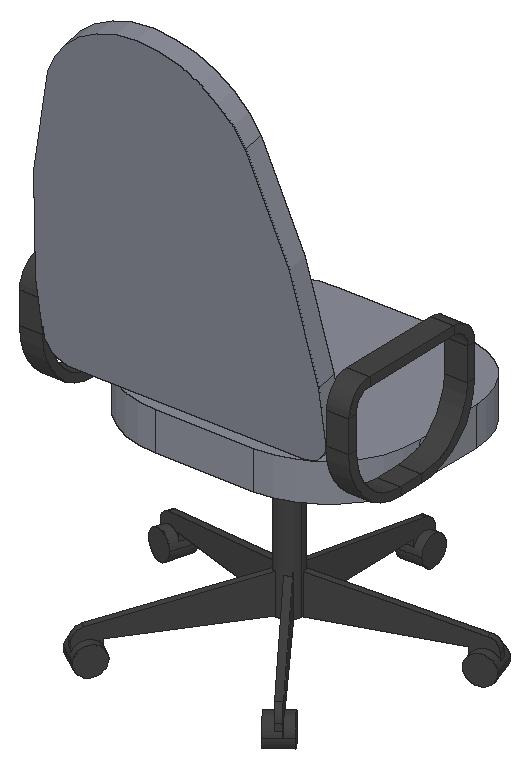
Revit family "RYN_FUR_ChairExecutive", category Furniture, Revit 2025
Family settings
  Work Plane-Based = No
  Enable Cutting in Views = No
  Always vertical = Yes
  Cut with Voids When Loaded = No
  Render Appearance Source = Family Geometry
  Shared = Yes
  Room Calculation Point = No
Parameters
  Default Elevation = 0' - 0"
  Assembly Code = "E2020200"
  Base/Arms Material = Plastic - Black
  Casters Material = Plastic - Black
  Seat/Back Material = Textile - Slate Blue
Reference planes (in)
  plane 1 "Center (Front/Back)": y = 0.7459
  plane 2: z = 0
  plane 3 "Center (Left/Right)": x = 5.55082
  plane 4: x = 18.05082
  plane 5: x = -6.94918
  plane 6: y = -12.7541
  plane 7: y = 14.2459
  plane 8: z = 42
  plane 9: z = 18
  plane 10: x = 7.55082
  plane 11: x = 3.55082
  plane 12: through (0, -5.18709, -0.91462) normal (0, -0.9848, -0.1736)
  plane 13: x = 16.30082
  plane 14: x = -5.19918
Forms (in)
  Extrusion 1, solid, material "Plastic - Black" <- "Base/Arms Material"
    sketch origin (7.55082, 0, 0) x (0, -1, 0) y (0, 0, 1)
      loop
        line (0.7541, 15.10959) -> (-2.7459, 15.10959) -> (-2.7459, 14.60959) -> (-0.7459, 11.14549) -> (0.7541, 11.14549) -> (0.7541, 15.10959)
    from 0 to 4
  Extrusion 2, solid, material "Plastic - Black" <- "Base/Arms Material"
    sketch origin (5.55082, 0, 0) x (0, 1, 0) y (0, 0, 1)
      loop
        line (0.7459, 2.10959) -> (12.2459, 2.10959) -> (12.2459, 1.10959) -> (14.2459, 1.10959) -> (14.2459, 2.0664)
        arc (14.2459, 2.0664) -> (14.01195, 2.70919) -> (13.41955, 3.05121) r 1
        line (13.41955, 3.05121) -> (1.7459, 5.10959) -> (0.7459, 5.10959) -> (0.7459, 2.10959)
    from 0.25 to -0.25
  Extrusion 3, solid, material "Plastic - Black" <- "Casters Material"
    sketch origin (5.55082, 0, 0) x (0, 1, 0) y (0, 0, 1)
      loop
        circle (13.2459, 1.10959) r 1.11025
    from 1 to -1
  Extrusion 4, solid, material "Plastic - Black" <- "Base/Arms Material"
    sketch origin (6.26021, 0.51541, 0) x (-0.951057, 0.309017, 0) y (0, 0, 1)
      loop
        line (0.7459, 2.10959) -> (12.2459, 2.10959) -> (12.2459, 1.10959) -> (14.2459, 1.10959) -> (14.2459, 2.0664)
        arc (14.2459, 2.0664) -> (14.01195, 2.70919) -> (13.41955, 3.05121) r 1
        line (13.41955, 3.05121) -> (1.7459, 5.10959) -> (0.7459, 5.10959) -> (0.7459, 2.10959)
    from 0.25 to -0.25
  Extrusion 5, solid, material "Plastic - Black" <- "Casters Material"
    sketch origin (6.26021, 0.51541, 0) x (-0.951057, 0.309017, 0) y (0, 0, 1)
      loop
        circle (13.2459, 1.10959) r 1.11025
    from 1 to -1
  Extrusion 6, solid, material "Plastic - Black" <- "Base/Arms Material"
    sketch origin (5.98925, 1.34935, 0) x (-0.587785, -0.809017, 0) y (0, 0, 1)
      loop
        line (0.7459, 2.10959) -> (12.2459, 2.10959) -> (12.2459, 1.10959) -> (14.2459, 1.10959) -> (14.2459, 2.0664)
        arc (14.2459, 2.0664) -> (14.01195, 2.70919) -> (13.41955, 3.05121) r 1
        line (13.41955, 3.05121) -> (1.7459, 5.10959) -> (0.7459, 5.10959) -> (0.7459, 2.10959)
    from 0.25 to -0.25
  Extrusion 7, solid, material "Plastic - Black" <- "Casters Material"
    sketch origin (5.98925, 1.34935, 0) x (-0.587785, -0.809017, 0) y (0, 0, 1)
      loop
        circle (13.2459, 1.10959) r 1.11025
    from 1 to -1
  Extrusion 8, solid, material "Plastic - Black" <- "Base/Arms Material"
    sketch origin (5.11239, 1.34935, 0) x (0.587785, -0.809017, 0) y (0, 0, 1)
      loop
        line (0.7459, 2.10959) -> (12.2459, 2.10959) -> (12.2459, 1.10959) -> (14.2459, 1.10959) -> (14.2459, 2.0664)
        arc (14.2459, 2.0664) -> (14.01195, 2.70919) -> (13.41955, 3.05121) r 1
        line (13.41955, 3.05121) -> (1.7459, 5.10959) -> (0.7459, 5.10959) -> (0.7459, 2.10959)
    from 0.25 to -0.25
  Extrusion 9, solid, material "Plastic - Black" <- "Casters Material"
    sketch origin (5.11239, 1.34935, 0) x (0.587785, -0.809017, 0) y (0, 0, 1)
      loop
        circle (13.2459, 1.10959) r 1.11025
    from 1 to -1
  Extrusion 10, solid, material "Plastic - Black" <- "Base/Arms Material"
    sketch origin (4.84143, 0.51541, 0) x (0.951057, 0.309017, 0) y (0, 0, 1)
      loop
        line (0.7459, 2.10959) -> (12.2459, 2.10959) -> (12.2459, 1.10959) -> (14.2459, 1.10959) -> (14.2459, 2.0664)
        arc (14.2459, 2.0664) -> (14.01195, 2.70919) -> (13.41955, 3.05121) r 1
        line (13.41955, 3.05121) -> (1.7459, 5.10959) -> (0.7459, 5.10959) -> (0.7459, 2.10959)
    from 0.25 to -0.25
  Extrusion 11, solid, material "Plastic - Black" <- "Casters Material"
    sketch origin (4.84143, 0.51541, 0) x (0.951057, 0.309017, 0) y (0, 0, 1)
      loop
        circle (13.2459, 1.10959) r 1.11025
    from 1 to -1
  Extrusion 12, solid, material "Plastic - Black" <- "Base/Arms Material"
    sketch origin (0, 0, 0) x (1, 0, 0) y (0, 1, 0)
      loop
        circle (5.55082, 0.7459) r 1
    from 2.10959 to 15.125
  Extrusion 13, solid, material "Textile - Slate Blue" <- "Seat/Back Material"
    sketch origin (0, 0, 0) x (1, 0, 0) y (0, 1, 0)
      loop
        arc (0.80082, 11.09827) -> (-3.44182, 9.34091) -> (-5.19918, 5.09827) r 6
        line (-5.19918, 5.09827) -> (-5.19918, -0.2541)
        arc (-5.19918, -0.2541) -> (-3.14893, -5.20385) -> (1.80082, -7.2541) r 7
        line (1.80082, -7.2541) -> (9.30082, -7.2541)
        arc (9.30082, -7.2541) -> (14.25057, -5.20385) -> (16.30082, -0.2541) r 7
        line (16.30082, -0.2541) -> (16.30082, 5.09827)
        arc (16.30082, 5.09827) -> (14.54346, 9.34091) -> (10.30082, 11.09827) r 6
        line (10.30082, 11.09827) -> (0.80082, 11.09827)
    from 15.10959 to 18
  Extrusion 14, solid, material "Textile - Slate Blue" <- "Seat/Back Material"
    sketch origin (0, -5.18709, -0.91462) x (0, 0.173648, -0.984808) y (1, 0, 0)
      loop
        line (-21.04394, -3.19918) -> (-21.04394, 14.30082)
        arc (-21.04394, 14.30082) -> (-21.62973, 15.71503) -> (-23.04394, 16.30082) r 2
        line (-23.04394, 16.30082) -> (-27.04394, 16.30082)
        arc (-27.04394, 16.30082) -> (-35.47709, 15.26623) -> (-43.67955, 13.05082) r 60
        arc (-43.67955, 13.05082) -> (-48.89567, 5.55082) -> (-43.67955, -1.94918) r 8
        arc (-43.67955, -1.94918) -> (-35.47709, -4.16459) -> (-27.04394, -5.19918) r 60
        line (-27.04394, -5.19918) -> (-23.04394, -5.19918)
        arc (-23.04394, -5.19918) -> (-21.62973, -4.61339) -> (-21.04394, -3.19918) r 2
    from 0 to -1.5
  Sweep 15, solid, material "Plastic - Black" <- "Base/Arms Material"
    path origin (16.30082, 0, 0) x (0, 1, 0) y (0, 0, 1)
      loop
        arc (-2.2541, 16.5) -> (1.28144, 17.96447) -> (2.7459, 21.5) r 5
        line (2.7459, 21.5) -> (2.7459, 24)
        arc (2.7459, 24) -> (2.16012, 25.41421) -> (0.7459, 26) r 2
        line (0.7459, 26) -> (-7.2541, 26)
        arc (-7.2541, 26) -> (-8.66831, 25.41421) -> (-9.2541, 24) r 2
        line (-9.2541, 24) -> (-9.2541, 21.5)
        arc (-9.2541, 21.5) -> (-7.78963, 17.96447) -> (-4.2541, 16.5) r 5
        line (-4.2541, 16.5) -> (-2.2541, 16.5)
    profile origin (16.30082, -3.2541, 0) x (0, 0, -1) y (1, 0, 0)
      loop
        line (-16.5548, 0) -> (-16.5548, 1.75) -> (-17.1798, 1.75) -> (-17.1798, 0) -> (-16.5548, 0)
  Sweep 16, solid, material "Plastic - Black" <- "Base/Arms Material"
    path origin (-5.19918, 0, 0) x (0, 1, 0) y (0, 0, 1)
      loop
        arc (-2.2541, 16.5) -> (1.28144, 17.96447) -> (2.7459, 21.5) r 5
        line (2.7459, 21.5) -> (2.7459, 24)
        arc (2.7459, 24) -> (2.16012, 25.41421) -> (0.7459, 26) r 2
        line (0.7459, 26) -> (-7.2541, 26)
        arc (-7.2541, 26) -> (-8.66831, 25.41421) -> (-9.2541, 24) r 2
        line (-9.2541, 24) -> (-9.2541, 21.5)
        arc (-9.2541, 21.5) -> (-7.78963, 17.96447) -> (-4.2541, 16.5) r 5
        line (-4.2541, 16.5) -> (-2.2541, 16.5)
    profile origin (-26.69918, -3.2541, 0) x (0, 0, -1) y (1, 0, 0)
      loop
        line (-16.5548, 21.5) -> (-17.1798, 21.5) -> (-17.1798, 19.75) -> (-16.5548, 19.75) -> (-16.5548, 21.5)
Lines and regions (in)
  symbolic lines
    curve 1: line (-3.94703, -9.73653, 0) -> (15.04821, -9.73653, 0)
    curve 2: line (-4.94047, -8.74309, 0) -> (-4.94047, -6.96717, 0)
    curve 3: line (-2.94526, -4.97195, 0) -> (14.04661, -4.97195, 0)
    curve 4: line (16.04164, -8.74309, 0) -> (16.04164, -6.96698, 0)
    curve 5: arc (-2.94526, -4.97195, 0) -> (-4.35609, -5.55634, 0) -> (-4.94047, -6.96717, 0) r 1.99522
    curve 6: arc (14.04661, -4.97195, 0) -> (15.45731, -5.55629, 0) -> (16.04164, -6.96698, 0) r 1.99503
    curve 7: arc (-4.94047, -8.74309, 0) -> (-4.6495, -9.44556, 0) -> (-3.94703, -9.73653, 0) r 0.99344
    curve 8: arc (16.04164, -8.74309, 0) -> (15.75067, -9.44556, 0) -> (15.04821, -9.73653, 0) r 0.99343
    curve 9: line (0.80082, 11.09827, 0) -> (10.30082, 11.09827, 0)
    curve 10: line (-5.19918, 5.09827, 0) -> (-5.19918, -2.60765, 0)
    curve 11: line (16.30082, 5.09827, 0) -> (16.30082, -2.60765, 0)
    curve 12: arc (0.80082, 11.09827, 0) -> (-3.44182, 9.34091, 0) -> (-5.19918, 5.09827, 0) r 6
    curve 13: arc (10.30082, 11.09827, 0) -> (14.54346, 9.34091, 0) -> (16.30082, 5.09827, 0) r 6
    curve 14: arc (16.30082, -2.60765, 0) -> (16.11909, -4.19233, 0) -> (15.58333, -5.69473, 0) r 7
    curve 15: arc (-5.19918, -2.60765, 0) -> (-5.01748, -4.19218, 0) -> (-4.48183, -5.69445, 0) r 7
    curve 16: line (4.55082, 14.35615, 0) -> (6.55082, 14.35615, 0)
    curve 17: line (4.55082, 14.35615, 0) -> (4.55082, 12.13565, 0)
    curve 18: line (4.55082, 12.13565, 0) -> (6.55082, 12.13565, 0)
    curve 19: line (6.55082, 14.35615, 0) -> (6.55082, 12.13565, 0)
    curve 20: line (16.29778, 5.28926, 0) -> (18.18592, 5.90276, 0)
    curve 21: line (18.18592, 5.90276, 0) -> (18.80395, 4.00064, 0)
    curve 22: line (18.80395, 4.00064, 0) -> (16.69214, 3.31447, 0)
    curve 23: line (16.69214, 3.31447, 0) -> (16.30082, 4.51882, 0)
    curve 24: line (11.93068, -9.73653, 0) -> (12.74171, -10.8528, 0)
    curve 25: line (12.74171, -10.8528, 0) -> (14.27813, -9.73653, 0)
    curve 26: line (-0.82904, -9.73653, 0) -> (-1.64007, -10.8528, 0)
    curve 27: line (-1.64007, -10.8528, 0) -> (-3.30118, -9.73653, 0)
    curve 28: line (-7.70231, 4.00064, 0) -> (-7.08428, 5.90276, 0)
    curve 29: line (-7.08428, 5.90276, 0) -> (-5.19918, 5.09827, 0)
    curve 30: line (-7.70231, 4.00064, 0) -> (-5.5905, 3.31447, 0)
    curve 31: line (-5.5905, 3.31447, 0) -> (-5.19918, 4.11084, 0)
    curve 32: line (5.30082, 12.13565, 0) -> (5.80082, 12.13565, 0)
    curve 33: line (5.30082, 12.13565, 0) -> (5.30082, 11.09827, 0)
    curve 34: line (5.30082, 11.09827, 0) -> (5.80082, 11.09827, 0)
    curve 35: line (5.80082, 12.13565, 0) -> (5.80082, 11.09827, 0)
    curve 36: line (-6.94918, 2.69111, 0) -> (-5.69332, 2.69111, 0)
    curve 37: line (-6.94918, 2.69111, 0) -> (-6.94918, -7.2541, 0)
    curve 38: line (-6.94918, -7.2541, 0) -> (-5.69332, -7.2541, 0)
    curve 39: line (-5.69332, 2.69111, 0) -> (-5.69332, -7.2541, 0)
    curve 40: line (18.05082, 2.69111, 0) -> (16.77824, 2.69111, 0)
    curve 41: line (18.05082, 2.69111, 0) -> (18.05082, -7.2541, 0)
    curve 42: line (18.05082, -7.2541, 0) -> (16.77824, -7.2541, 0)
    curve 43: line (16.77824, 2.69111, 0) -> (16.77824, -7.2541, 0)
Dimensions and locks (in)
  equal spacing: plane 5, plane 3 "Center (Left/Right)", plane 4
  plane 5 to plane 4 = 2' - 1"
  equal spacing: plane 6, plane 1 "Center (Front/Back)", plane 7
  plane 6 to plane 7 = 2' - 3"
